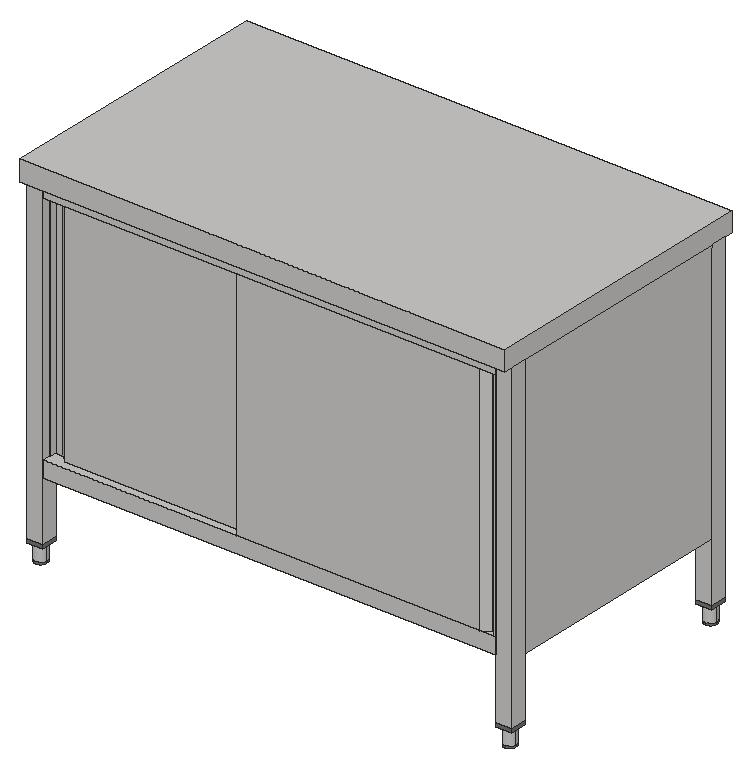
Revit family "QF_ELECTROLUXPROFESSIONAL_134040_GTND1200E", category Attrezzature speciali, Revit 2020
Family settings
  Quota connettore circolare = Usa diametro
  Tipo di parte = Normale
  Basato su piano di lavoro = No
  Sempre verticale = Sì
  Taglio con vuoti quando caricato = No
  Condiviso = No
  Punto di calcolo locali = No
Parameters (values of type "Standard")
  Weight = 69.00 kg
  Watts = 0 W
  Volts = 0 V
  URL Manufacturer = "https://www.electroluxprofessional.com/"
  URL = "https://www.electroluxprofessional.com/"
  Steam Supply Size = 0 mm
  Steam Supply Minimum Pressure = 0.0 Pa
  Steam Supply Maximum Pressure = 0.0 Pa
  Steam Consumption per Hour = 0
  Refrigeration Suction Line Size = 0.0 mm
  Refrigeration Liquid Line Size = 0.0 mm
  Refrigerant Compressor Remote = yes
  Prospetto di default = 0.0 mm
  Phase = 0
  Modello = "GTND1200E"
  Produttore = "Electrolux Professional"
  Length Actual = 1200.0 mm  # constant formula
  Item Number = "134040"
  Hot Water Size = 0 mm
  Height Actual = 900.0 mm  # constant formula
  HP = "0 HP"
  Gas Size = 0 mm
  Gas KW = 0
  Gas Input Pressure = 0 W
  Direct Waste Size = 0 mm
  Descrizione = "PASSTHRU WORKTOP CUPBOARD 1200 MM"
  Depth Actual = 700.0 mm  # constant formula
  Cycle = 0 Hz
  Condensate Return Size = 0 mm
  Compressed Air Volume = 0.0 L/s
  Compressed Air Size = 0 mm
  Compressed Air Pressure = 0.0 Pa
  Cold Water Size = 0 mm
  Accessory = yes
Reference planes
  plane 1 "Center (Front/Back)": y = 0
  plane 2: z = 0
  plane 3 "Center (Left/Right)": x = -100
  plane 4 "LEFT": x = -700
  plane 5 "RIGHT": x = 500
  plane 6 "BACK": y = 350
  plane 7 "FRONT": y = -350
  plane 8 "Base": z = 850
  plane 9 "TOP": z = 900
  plane 10: x = -680
  plane 11: x = 480
  plane 12: y = 310
  plane 13: y = -310
  plane 14 "BodyLeft": x = -700
  plane 15 "BodyFront": y = -330
  plane 16 "BodyRight": x = 500
  plane 17 "BodyBack": y = 330
  plane 18 "FEET": z = 200
  plane 19: x = -20
  plane 20: x = -180
Forms (mm)
  Extrusion 1, solid, material "QF_Finishes_Stainless Steel"
    sketch origin (-100, 0, 0) x (0, 1, 0) y (0, 0, 1)
      loop
        line (-350, 850) -> (350, 850) -> (350, 900) -> (-350, 900) -> (-350, 850)
    from 600 to -600
  Extrusion 2, solid, material "QF_Finishes_Stainless Steel"
    sketch origin (0, 0, 200) x (-1, 0, 0) y (0, -1, 0)
      loop
        line (700, -290) -> (700, 290) -> (660, 290) -> (660, -290) -> (700, -290)
      loop
        line (-460, -290) -> (-460, 290) -> (-500, 290) -> (-500, -290) -> (-460, -290)
    from 0 to 650
  Extrusion 3, solid, material "QF_Finishes_Stainless Steel"
    sketch origin (0, 0, 200) x (-1, 0, 0) y (0, -1, 0)
      loop
        line (660, -330) -> (660, 330) -> (-460, 330) -> (-460, -330) -> (660, -330)
    from 0 to 40
  Extrusion 4, solid, material "QF_Finishes_Stainless Steel"
    sketch origin (0, 0, 200) x (-1, 0, 0) y (0, -1, 0)
      loop
        line (-460, 330) -> (-460, 310) -> (180, 310) -> (180, 330) -> (-420, 330) -> (-440, 315) -> (-455, 315) -> (-455, 330) -> (-460, 330)
    from 40 to 620
  Extrusion 5, solid, material "QF_Finishes_Stainless Steel"
    sketch origin (0, 20, 200) x (1, 0, 0) y (0, 1, 0)
      loop
        line (-660, -330) -> (-655, -330) -> (-655, -315) -> (-640, -315) -> (-620, -330) -> (-20, -330) -> (-20, -310) -> (-660, -310) -> (-660, -330)
    from 40 to 620
  Extrusion 6, solid, material "QF_Finishes_Stainless Steel"
    sketch origin (0, 0, 200) x (-1, 0, 0) y (0, -1, 0)
      loop
        line (660, 290) -> (-460, 290) -> (-460, -290) -> (660, -290) -> (660, 290)
    from 350 to 390
  Extrusion 7, solid, material "QF_Finishes_Stainless Steel"
    sketch origin (0, 0, 200) x (-1, 0, 0) y (0, -1, 0)
      loop
        line (-460, -330) -> (-455, -330) -> (-455, -315) -> (-440, -315) -> (-420, -330) -> (180, -330) -> (180, -310) -> (-460, -310) -> (-460, -330)
    from 40 to 620
  Extrusion 8, solid, material "QF_Finishes_Stainless Steel"
    sketch origin (0, -20, 200) x (1, 0, 0) y (0, 1, 0)
      loop
        line (-660, 330) -> (-660, 310) -> (-20, 310) -> (-20, 330) -> (-620, 330) -> (-640, 315) -> (-655, 315) -> (-655, 330) -> (-660, 330)
    from 40 to 620
  Extrusion 9, solid, material "QF_Finishes_Stainless Steel"
    sketch origin (0, 0, 200) x (-1, 0, 0) y (0, -1, 0)
      loop
        line (660, -330) -> (660, 330) -> (-460, 330) -> (-460, -330) -> (660, -330)
    from 620 to 650
Lines and regions (mm)
  symbolic lines
    curve 1: line (500, 350, 900) -> (-700, 350, 900)
    curve 2: line (-700, 350, 900) -> (-700, -350, 900)
    curve 3: line (-700, -350, 900) -> (500, -350, 900)
    curve 4: line (500, -350, 900) -> (500, 350, 900)
  symbolic lines, style "SpecialityEquipmentHiddenLines"
    curve 5: line (-700, 330, 200) -> (500, 330, 200)
    curve 6: line (-700, -330, 200) -> (-700, 330, 200)
    curve 7: line (500, -330, 200) -> (-700, -330, 200)
    curve 8: line (500, 330, 200) -> (500, -330, 200)
    curve 9: line (-660, -290, 200) -> (-20, -290, 200)
    curve 10: line (-20, -290, 200) -> (-20, -310, 200)
    curve 11: line (-660, -310, 200) -> (460, -310, 200)
    curve 12: line (460, -310, 200) -> (460, -330, 200)
    curve 13: line (-180, -310, 200) -> (-180, -330, 200)
    curve 14: line (-660, -290, 200) -> (-660, -310, 200)
    curve 15: line (-20, 290, 200) -> (-20, 310, 200)
    curve 16: line (-180, 330, 200) -> (-180, 310, 200)
    curve 17: line (460, 310, 200) -> (-660, 310, 200)
    curve 18: line (-20, 290, 200) -> (-660, 290, 200)
    curve 19: line (-660, 290, 200) -> (-660, 310, 200)
    curve 20: line (460, 310, 200) -> (460, 330, 200)
Dimensions and locks
  plane 4 "LEFT" to plane 5 "RIGHT" = 1200.0 mm
  equal spacing: plane 4 "LEFT", plane 3 "Center (Left/Right)", plane 5 "RIGHT"
  locked: plane 8 "Base" to level at 850
  plane 9 "TOP" to level = 900.0 mm
  plane 6 "BACK" to plane 7 "FRONT" = 700.0 mm
  equal spacing: plane 6 "BACK", plane 1 "Center (Front/Back)", plane 7 "FRONT"
  locked: plane 4 "LEFT" to plane 14 "BodyLeft"
  locked: plane 16 "BodyRight" to plane 5 "RIGHT"
  locked: plane 15 "BodyFront" to plane 7 "FRONT" at 20
  locked: plane 6 "BACK" to plane 17 "BodyBack" at 20
  locked: plane 14 "BodyLeft" to plane 10 at 20
  locked: plane 11 to plane 16 "BodyRight" at 20
  locked: plane 13 to plane 15 "BodyFront" at 20
  locked: plane 17 "BodyBack" to plane 12 at 20
  plane 10 to plane 11 = 1160.0 mm
  plane 12 to plane 13 = 620.0 mm
  locked: plane 14 "BodyLeft" to Extrusion 2 sketch curve at 40
  Extrusion 2 sketch curve to Extrusion 2 sketch curve = 40.0 mm
  locked: plane 3 "Center (Left/Right)" to plane 19 at 80
  locked: plane 20 to plane 3 "Center (Left/Right)" at 80
  locked: plane 18 "FEET" to plane 2 at 200
  Extrusion 9 to Extrusion 3 to plane 18 "FEET" = 580.0 mm, 40.0 mm
  aligned and locked: level to plane 2
  aligned and locked: plane 10 to nested 1
  aligned and locked: nested 1 to plane 13
  aligned and locked: plane 11 to nested 2
  aligned and locked: nested 2 to plane 13
  aligned and locked: plane 11 to nested 4
  aligned and locked: nested 4 to plane 12
  aligned and locked: plane 10 to nested 3
  aligned and locked: nested 3 to plane 12
  aligned and locked: Extrusion 1 to plane 4 "LEFT"
  aligned and locked: plane 5 "RIGHT" to Extrusion 1
  aligned and locked: curve 2 to plane 4 "LEFT"
  aligned and locked: Extrusion 2 sketch curve to plane 14 "BodyLeft"
  aligned and locked: plane 16 "BodyRight" to Extrusion 2 sketch curve
  aligned and locked: plane 8 "Base" to Extrusion 2
  aligned and locked: Extrusion 4 to Extrusion 3
  aligned and locked: Extrusion 5 sketch curve to plane 19
  aligned and locked: Extrusion 4 sketch curve to plane 20
  aligned and locked: Extrusion 1 to plane 8 "Base"
  aligned and locked: plane 9 "TOP" to Extrusion 1
  aligned and locked: curve 5 to plane 17 "BodyBack"
  aligned and locked: plane 14 "BodyLeft" to curve 6
  aligned and locked: plane 15 "BodyFront" to curve 7
  aligned and locked: plane 16 "BodyRight" to curve 8
  aligned and locked: Extrusion 3 sketch curve to Extrusion 2  (x2)
  aligned and locked: curve 7 to Extrusion 3 sketch curve
Automatic sketch dimensions
  curve 3 to plane 5 "RIGHT" = 0.0 mm
  curve 3 to plane 7 "FRONT" = 0.0 mm
  curve 2 to plane 6 "BACK" = 0.0 mm
  Extrusion 1 sketch curve to plane 7 "FRONT" = 0.0 mm
  Extrusion 1 sketch curve to plane 6 "BACK" = 0.0 mm
  Extrusion 1 sketch curve to plane 8 "Base" = 0.0 mm
  Extrusion 1 sketch curve to plane 9 "TOP" = 0.0 mm
  Extrusion 2 sketch curve to plane 12 = 20.0 mm  (x2)
  plane 13 to Extrusion 2 sketch curve = 20.0 mm  (x2)
  Extrusion 3 sketch curve to plane 17 "BodyBack" = 0.0 mm
  Extrusion 4 sketch curve to plane 15 "BodyFront" = 0.0 mm  (x2)
  Extrusion 4 sketch curve to plane 13 = 0.0 mm
  Extrusion 4 sketch curve to plane 11 = 60.0 mm
  Extrusion 4 sketch curve to plane 13 = 5.0 mm
  Extrusion 4 sketch curve to Extrusion 4 sketch curve = 20.0 mm
  Extrusion 4 sketch curve to Extrusion 4 sketch curve = 15.0 mm
  Extrusion 4 sketch curve to Extrusion 4 sketch curve = 5.0 mm
  Extrusion 5 sketch curve to plane 13 = 0.0 mm  (x2)
  Extrusion 5 sketch curve to plane 10 = 60.0 mm
  Extrusion 5 sketch curve to plane 13 = 15.0 mm
  Extrusion 5 sketch curve to Extrusion 5 sketch curve = 20.0 mm  (x2)
  Extrusion 5 sketch curve to Extrusion 5 sketch curve = 15.0 mm
  Extrusion 5 sketch curve to Extrusion 5 sketch curve = 5.0 mm
  curve 17 to plane 12 = 0.0 mm
  curve 11 to plane 13 = 0.0 mm
  curve 10 to plane 19 = 0.0 mm
  curve 15 to plane 19 = 0.0 mm
  curve 13 to plane 20 = 0.0 mm
  curve 16 to plane 20 = 0.0 mm
  curve 17 to plane 11 = 20.0 mm
  curve 11 to plane 11 = 20.0 mm
  plane 10 to curve 14 = 20.0 mm
  plane 10 to curve 19 = 20.0 mm
  curve 17 to curve 18 = 20.0 mm
  plane 13 to curve 9 = 20.0 mm
  Extrusion 6 sketch curve to plane 11 = 20.0 mm
  plane 10 to Extrusion 6 sketch curve = 20.0 mm
  Extrusion 6 sketch curve to plane 12 = 20.0 mm
  plane 13 to Extrusion 6 sketch curve = 20.0 mm
  Extrusion 7 sketch curve to plane 17 "BodyBack" = 0.0 mm  (x2)
  Extrusion 7 sketch curve to plane 12 = 0.0 mm
  Extrusion 7 sketch curve to plane 20 = 0.0 mm
  plane 11 to Extrusion 7 sketch curve = 60.0 mm
  Extrusion 7 sketch curve to plane 12 = 5.0 mm
  Extrusion 7 sketch curve to Extrusion 7 sketch curve = 20.0 mm
  Extrusion 7 sketch curve to Extrusion 7 sketch curve = 15.0 mm
  Extrusion 7 sketch curve to Extrusion 7 sketch curve = 5.0 mm
  Extrusion 8 sketch curve to plane 12 = 0.0 mm  (x2)
  Extrusion 8 sketch curve to plane 19 = 0.0 mm
  plane 10 to Extrusion 8 sketch curve = 60.0 mm
  Extrusion 8 sketch curve to plane 12 = 15.0 mm
  Extrusion 8 sketch curve to Extrusion 8 sketch curve = 20.0 mm  (x2)
  Extrusion 8 sketch curve to Extrusion 8 sketch curve = 15.0 mm
  Extrusion 8 sketch curve to Extrusion 8 sketch curve = 5.0 mm
  Extrusion 9 sketch curve to plane 17 "BodyBack" = 0.0 mm
  Extrusion 9 sketch curve to plane 15 "BodyFront" = 0.0 mm
  Extrusion 9 sketch curve to plane 11 = 20.0 mm
  plane 10 to Extrusion 9 sketch curve = 20.0 mm
Nested families
  nested 1: "FEET_40x40_APP50" at (-680, -310, 0), type "FEET_40x40_APP50"
  nested 2: "FEET_40x40_APP50" at (480, -310, 0), type "FEET_40x40_APP50"
  nested 3: "FEET_40x40_APP50" at (-680, 310, 0), type "FEET_40x40_APP50"
  nested 4: "FEET_40x40_APP50" at (480, 310, 0), type "FEET_40x40_APP50"
Definition of nested family "FEET_40x40_APP50"
  Parameters
    Default Elevation = 0.0 mm
    FEET = 850.0 mm
  Reference planes
    plane 1 "Center (Front/Back)": y = 0
    plane 2: z = 0
    plane 3 "Center (Left/Right)": x = 0
    plane 4: z = 850
  Forms (mm)
    Extrusion 1, solid
      sketch origin (0, 0, 0) x (1, 0, 0) y (0, 1, 0)
        loop
          line (-20, -20) -> (20, -20) -> (20, 20) -> (-20, 20) -> (-20, -20)
      from 50 to 850
    Extrusion 2, solid
      sketch origin (0, 0, 0) x (1, 0, 0) y (0, 1, 0)
        loop
          circle (0, 0) r 15
      from 0 to 5
    Extrusion 3, solid
      sketch origin (0, 0, 0) x (1, 0, 0) y (0, 1, 0)
        loop
          line (-20, -20) -> (20, -20) -> (20, 20) -> (-20, 20) -> (-20, -20)
      from 50 to 42
    Extrusion 4, solid
      sketch origin (0, 0, 0) x (1, 0, 0) y (0, 1, 0)
        loop
          circle (0, 0) r 15
      from 5 to 42
  Lines and regions (mm)
    symbolic lines
      curve 1: line (0, -1.503, 0) -> (0, 1.508, 0)
      curve 2: line (1.561, 0, 0) -> (-1.439, 0, 0)
  Dimensions and locks
    "FEET": plane 4 to plane 2
    aligned and locked: level to plane 2
  Automatic sketch dimensions
    plane 1 "Center (Front/Back)" to curve 2 = 0.0 mm
    curve 1 to plane 3 "Center (Left/Right)" = 0.0 mm
    curve 2 to plane 3 "Center (Left/Right)" = 1.439 mm
    plane 3 "Center (Left/Right)" to curve 2 = 1.561 mm
    plane 1 "Center (Front/Back)" to curve 1 = 1.503 mm
    curve 1 to plane 1 "Center (Front/Back)" = 1.508 mm
    Extrusion 1 sketch curve to plane 3 "Center (Left/Right)" = 20.0 mm
    plane 3 "Center (Left/Right)" to Extrusion 1 sketch curve = 20.0 mm
    plane 1 "Center (Front/Back)" to Extrusion 1 sketch curve = 20.0 mm
    Extrusion 1 sketch curve to plane 1 "Center (Front/Back)" = 20.0 mm
    plane 1 "Center (Front/Back)" to Extrusion 2 sketch curve = 0.0 mm
    Extrusion 2 sketch curve to plane 3 "Center (Left/Right)" = 0.0 mm
    Extrusion 3 sketch curve to plane 3 "Center (Left/Right)" = 20.0 mm
    plane 3 "Center (Left/Right)" to Extrusion 3 sketch curve = 20.0 mm
    plane 1 "Center (Front/Back)" to Extrusion 3 sketch curve = 20.0 mm
    Extrusion 3 sketch curve to plane 1 "Center (Front/Back)" = 20.0 mm
    plane 1 "Center (Front/Back)" to Extrusion 4 sketch curve = 0.0 mm
    Extrusion 4 sketch curve to plane 3 "Center (Left/Right)" = 0.0 mm
    radius of Extrusion 2 sketch curve = 15.0 mm
    radius of Extrusion 4 sketch curve = 15.0 mm
